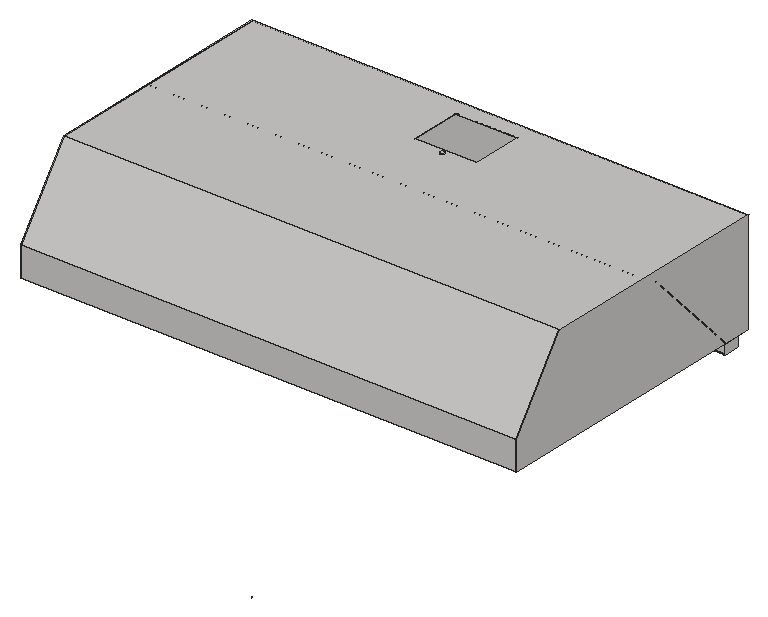
Revit family "QF_ELECTROLUXPROFESSIONAL_644231_ABPV1424BT", category Attrezzature speciali, Revit 2021
Family settings
  Quota connettore circolare = Usa diametro
  Tipo di parte = Normale
  Basato su piano di lavoro = No
  Sempre verticale = Sì
  Taglio con vuoti quando caricato = No
  Condiviso = No
  Punto di calcolo locali = No
Parameters (values of type "Standard")
  Weight = 73.00 kg
  Watts = 550 W
  Volts = 220 V
  URL Manufacturer = "https://www.electroluxprofessional.com/"
  URL = "https://www.electroluxprofessional.com/"
  Steam Supply Size = 0 mm
  Steam Supply Minimum Pressure = 0.0 Pa
  Steam Supply Maximum Pressure = 0.0 Pa
  Steam Consumption per Hour = 0
  Refrigeration Suction Line Size = 0 mm
  Refrigeration Liquid Line Size = 0 mm
  Refrigerant Compressor Remote = yes
  Prospetto di default = 0 mm
  Produttore = "Electrolux Professional"
  Phase = 1
  Modello = "ABPV1424BT"
  Length Actual = 2400 mm  # constant formula
  Item Number = "644231"
  Hot Water Size = 0 mm
  Height Actual = 500 mm  # constant formula
  HP = "0.7 HP"
  Gas Size = 0 mm
  Gas KW = 0
  Gas Input Pressure = 0 W
  Direct Waste Size = 0 mm
  Descrizione = "430 S/S WALL HOOD+FILTER+FAN 2400X1400MM"
  Depth Actual = 1400 mm  # constant formula
  Cycle = 50 Hz
  Condensate Return Size = 0 mm
  Compressed Air Volume = 0.0 L/s
  Compressed Air Size = 0 mm
  Compressed Air Pressure = 0.0 Pa
  Cold Water Size = 0 mm
  Accessory = yes
Reference planes
  plane 1: z = 0
  plane 2 "Center (Left/Right)": x = 150
  plane 3 "LEFT": x = -1050
  plane 4 "RIGHT": x = 1350
  plane 5 "BACK": y = 550
  plane 6 "TOP": z = 2500
  plane 7 "Base": z = 2000
  plane 8: z = 1926
  plane 9 "DrainY": y = 485
  plane 10: x = -1047
  plane 11: through (0, 414.509, 2000.8) normal (0, 0.7314, 0.682)
  plane 12: y = 470
  plane 13: y = 220
  plane 14 "DrainX": x = 1230
  plane 15: x = 300
  plane 16: x = 0
  plane 17: x = 1347
  plane 18: x = 1140
  plane 19: x = 1320
  plane 20: x = -1010
  plane 21: x = -645
  plane 22: x = -450
  plane 23: x = 1310
  plane 24: x = 945
  plane 25: x = 750
  plane 26: x = -47.5
  plane 27: x = 347.5
  plane 28: z = 2140
  plane 29: y = -590
  plane 30: y = 200
  plane 31: y = -850
  plane 32: y = -150
Forms (mm)
  Extrusion 1, solid, material "QF_Finishes_Stainless Steel"
    sketch origin (-1050, 0, 360) x (0, 1, 0) y (0, 0, 1)
      loop
        line (550, 1640) -> (550, 2140) -> (-590, 2140) -> (-850, 1780) -> (-850, 1640) -> (550, 1640)
    from 0 to 3
  Extrusion 2, solid, material "QF_Finishes_Stainless Steel"
    sketch origin (150, 0, 360) x (0, 1, 0) y (0, 0, 1)
      loop
        line (415.255, 1640) -> (550, 1640) -> (550, 2139.19) -> (549.2, 2139.19) -> (549.2, 1640.8) -> (415.876, 1640.8) -> (339.347, 1722.867) -> (349.609, 1732.436) -> (348.927, 1733.167) -> (337.934, 1722.917) -> (415.255, 1640)
      loop
        line (-82.203, 2139.19) -> (-82.203, 2118.6) -> (-31.047, 2118.6) -> (34.354, 2048.466) -> (46.028, 2059.352) -> (45.346, 2060.083) -> (34.403, 2049.879) -> (-30.612, 2119.6) -> (-81.203, 2119.6) -> (-81.203, 2139.19) -> (-82.203, 2139.19)
    from -1197 to 1197
  Extrusion 3, solid, material "QF_Finishes_Stainless Steel"
    sketch origin (1350, 0, 360) x (0, 1, 0) y (0, 0, 1)
      loop
        line (550, 1640) -> (550, 2140) -> (-590, 2140) -> (-850, 1780) -> (-850, 1640) -> (550, 1640)
    from 0 to -3
  Extrusion 4, solid, material "QF_Finishes_Stainless Steel"
    sketch origin (150, 0, 360) x (0, 1, 0) y (0, 0, 1)
      loop
        line (-590, 2140) -> (-850, 1780) -> (-850, 1640) -> (-849.2, 1640) -> (-849.2, 1779.741) -> (-589.598, 2139.19) -> (550, 2139.19) -> (550, 2140) -> (-590, 2140)
    from -1200 to 1200
  Extrusion 5, solid, material "QF_Finishes_Stainless Steel"
    sketch origin (150, 0, 360) x (0, 1, 0) y (0, 0, 1)
      loop
        line (534, 1640) -> (436, 1640) -> (436, 1627) -> (443.5, 1627) -> (443.5, 1576)
        arc (443.5, 1576) -> (446.429, 1568.929) -> (453.5, 1566) r 10
        line (453.5, 1566) -> (516.5, 1566)
        arc (516.5, 1566) -> (523.571, 1568.929) -> (526.5, 1576) r 10
        line (526.5, 1576) -> (526.5, 1627) -> (534, 1627) -> (534, 1640)
    from 990 to 1170
  Extrusion 6, solid, material "QF_Finishes_Stainless Steel"
    sketch origin (0, 0, 2000) x (0, 1, 0) y (-1, 0, 0)
      loop
        circle (485, -1230) r 20
    from -76 to -74
  Extrusion 7, solid, material "QF_Finished_Chrome"
    sketch origin (150, 0, 360) x (0, 1, 0) y (0, 0, 1)
      loop
        line (337.934, 1722.917) -> (341.591, 1726.327) -> (38.011, 2051.876) -> (34.354, 2048.466) -> (337.934, 1722.917)
    from -795 to -1160
  Extrusion 8, solid, material "QF_Finished_Chrome"
    sketch origin (150, 0, 360) x (0, 1, 0) y (0, 0, 1)
      loop
        line (337.934, 1722.917) -> (341.591, 1726.327) -> (38.011, 2051.876) -> (34.354, 2048.466) -> (337.934, 1722.917)
    from -197.5 to -600
  Extrusion 9, solid, material "QF_Finishes_Stainless Steel"
    sketch origin (150, 0, 360) x (0, 1, 0) y (0, 0, 1)
      loop
        line (337.934, 1722.917) -> (341.591, 1726.327) -> (38.011, 2051.876) -> (34.354, 2048.466) -> (337.934, 1722.917)
    from 1197 to 1160
  Extrusion 10, solid, material "QF_Finishes_Stainless Steel"
    sketch origin (150, 0, 360) x (0, 1, 0) y (0, 0, 1)
      loop
        line (341.588, 1726.324) -> (38.009, 2051.874) -> (34.354, 2048.466) -> (337.934, 1722.917) -> (341.588, 1726.324)
    from -795 to -600
  Extrusion 11, solid, material "QF_Finished_Chrome"
    sketch origin (150, 0, 360) x (0, 1, 0) y (0, 0, 1)
      loop
        line (341.588, 1726.324) -> (38.009, 2051.874) -> (34.354, 2048.466) -> (337.934, 1722.917) -> (341.588, 1726.324)
    from 795 to 1160
  Extrusion 12, void
    sketch origin (0, 0, 2500) x (0, 1, 0) y (-1, 0, 0)
      loop
        line (470, 0) -> (220, 0) -> (220, -300) -> (470, -300) -> (470, 0)
    from 0 to -10
  Extrusion 13, solid, material "QF_Finishes_Stainless Steel"
    sketch origin (0, 0, 0) x (1, 0, 0) y (0, 1, 0)
      loop
        line (-1050, 550) -> (-1050, 549) -> (-1049, 549) -> (-1049, 550) -> (-1050, 550)
    from 0 to 1
  Extrusion 14, solid, material "QF_Finishes_Stainless Steel"
    sketch origin (150, 0, 360) x (0, 1, 0) y (0, 0, 1)
      loop
        line (337.934, 1722.917) -> (341.591, 1726.327) -> (38.011, 2051.876) -> (34.354, 2048.466) -> (337.934, 1722.917)
    from -1160 to -1197
  Extrusion 15, solid, material "QF_Finishes_Stainless Steel"
    sketch origin (150, 0, 360) x (0, 1, 0) y (0, 0, -1)
      loop
        line (341.588, -1726.324) -> (337.934, -1722.917) -> (34.354, -2048.466) -> (38.009, -2051.874) -> (341.588, -1726.324)
    from -795 to -600
  Extrusion 16, solid, material "QF_Finished_Chrome"
    sketch origin (150, 0, 360) x (0, 1, 0) y (0, 0, 1)
      loop
        line (337.934, 1722.917) -> (341.591, 1726.327) -> (38.011, 2051.876) -> (34.354, 2048.466) -> (337.934, 1722.917)
    from 600 to 197.5
  Extrusion 17, solid, material "QF_Finishes_Stainless Steel"
    sketch origin (150, 0, 360) x (0, 1, 0) y (0, 0, -1)
      loop
        line (341.588, -1726.324) -> (337.934, -1722.917) -> (34.354, -2048.466) -> (38.009, -2051.874) -> (341.588, -1726.324)
    from -197.5 to 197.5
  Extrusion 18, solid, material "QF_Finishes_Stainless Steel"
    sketch origin (0, 0, 2500) x (0, 1, 0) y (-1, 0, 0)
      loop
        circle (200, -150) r 10
    from 0 to 1.6
Cuts and joins
  Extrusion 12 cuts Extrusion 4
  joined: Extrusion 2, Extrusion 4
Lines and regions (mm)
  reference lines
    curve 1: line (150, 34.354, 2408.466) -> (150, 34.354, 2248.466)
  symbolic lines, style "SpecialityEquipment", detail levels coarse
    curve 2: line (1350, 550, 2500) -> (-1050, 550, 2500)
    curve 3: line (-1050, 550, 2500) -> (-1050, -850, 2500)
    curve 4: line (1350, -850, 2500) -> (1350, 550, 2500)
    curve 5: line (-1050, -850, 2500) -> (1350, -850, 2500)
    curve 6: line (0, 220, 2500) -> (300, 220, 2500)
    curve 7: line (0, 470, 2500) -> (0, 220, 2500)
    curve 8: line (300, 470, 2500) -> (0, 470, 2500)
    curve 9: line (300, 220, 2500) -> (300, 470, 2500)
    curve 10: line (1350, -589.598, 0) -> (-1050, -589.598, 0)
    curve 11: line (-1050, -589.598, 0) -> (1350, 550, 0)
    curve 12: line (-1050, 550, 0) -> (1350, -589.598, 0)
Dimensions and locks
  plane 3 "LEFT" to plane 4 "RIGHT" = 2400 mm
  equal spacing: plane 3 "LEFT", plane 2 "Center (Left/Right)", plane 4 "RIGHT"
  locked: plane 6 "TOP" to plane 7 "Base" at 500
  plane 7 "Base" to plane 8 = 74 mm
  plane 5 "BACK" to plane 9 "DrainY" = 65 mm  (x2)
  plane 3 "LEFT" to plane 10 = 3 mm
  plane 5 "BACK" to plane 12 = 80 mm
  plane 12 to plane 13 = 250 mm  (x2)
  plane 14 "DrainX" to plane 4 "RIGHT" = 120 mm
  plane 17 to plane 4 "RIGHT" = 3 mm
  locked: plane 18 to plane 14 "DrainX" at 90
  locked: plane 14 "DrainX" to plane 19 at 90
  plane 12 to plane 5 "BACK" = 80 mm
  locked: plane 3 "LEFT" to plane 20 at 40
  locked: plane 20 to plane 21 at 365
  locked: plane 21 to plane 22 at 195
  locked: plane 23 to plane 24 at 365
  locked: plane 24 to plane 25 at 195
  locked: plane 23 to plane 4 "RIGHT" at 40
  locked: plane 26 to plane 27 at 395
  equal spacing: plane 26, plane 2 "Center (Left/Right)", plane 27
  locked: plane 16 to plane 15 at 300
  equal spacing: plane 16, plane 2 "Center (Left/Right)", plane 15
  plane 22 to plane 26 = 402.5 mm
  plane 27 to plane 25 = 402.5 mm
  plane 28 to plane 7 "Base" = 140 mm
  locked: plane 7 "Base" to level at 2000
  plane 13 to plane 30 = 20 mm
  plane 5 "BACK" to plane 31 = 1400 mm  (x2)
  equal spacing: plane 5 "BACK", plane 32, plane 31
  aligned and locked: level to plane 1
  aligned and locked: Extrusion 2 to Extrusion 1
  aligned and locked: Extrusion 2 to Extrusion 3
  aligned and locked: plane 4 "RIGHT" to Extrusion 4
  aligned and locked: Extrusion 4 to plane 3 "LEFT"
  aligned and locked: plane 17 to Extrusion 9
  aligned and locked: plane 16 to Extrusion 12
  aligned and locked: Extrusion 12 to plane 15
  aligned and locked: Extrusion 12 to plane 13
  aligned and locked: Extrusion 12 to plane 12
  aligned and locked: Extrusion 2 to Extrusion 4
  aligned and locked: plane 19 to Extrusion 5
  aligned and locked: Extrusion 5 to plane 18
  aligned and locked: Extrusion 9 to plane 23
  aligned and locked: Extrusion 11 to plane 23
  aligned and locked: Extrusion 11 to plane 24
  aligned and locked: Extrusion 8 to plane 22
  aligned and locked: plane 22 to Extrusion 10
  aligned and locked: Extrusion 10 to plane 21
  aligned and locked: plane 21 to Extrusion 7
  aligned and locked: Extrusion 7 to plane 20
  aligned and locked: Extrusion 14 to plane 10
  aligned and locked: plane 20 to Extrusion 14
  aligned and locked: Extrusion 15 to plane 25
  aligned and locked: Extrusion 15 to plane 24
  aligned and locked: Extrusion 3 to plane 17
  aligned and locked: plane 26 to Extrusion 8
  aligned and locked: Extrusion 16 to plane 25
  aligned and locked: Extrusion 16 to plane 27
  aligned and locked: plane 27 to Extrusion 17
  aligned and locked: Extrusion 17 to plane 26
Automatic sketch dimensions
  curve 5 to plane 3 "LEFT" = 0 mm
  curve 9 to plane 13 = 0 mm
  plane 12 to curve 8 = 0 mm
  curve 3 to plane 5 "BACK" = 0 mm
  curve 5 to plane 4 "RIGHT" = 0 mm
  curve 6 to plane 15 = 0 mm
  curve 6 to plane 16 = 0 mm
  Extrusion 2 sketch curve to plane 11 = 0 mm  (x3)
  Extrusion 2 sketch curve to plane 7 "Base" = 0 mm
  plane 11 to Extrusion 2 sketch curve = 0 mm
  Extrusion 2 sketch curve to plane 5 "BACK" = 0 mm
  Extrusion 2 sketch curve to Extrusion 2 sketch curve = 65.646 mm
  Extrusion 2 sketch curve to Extrusion 2 sketch curve = 0.682 mm  (x2)
  Extrusion 2 sketch curve to Extrusion 2 sketch curve = 10.261 mm
  plane 7 "Base" to Extrusion 2 sketch curve = 82.917 mm
  Extrusion 2 sketch curve to Extrusion 2 sketch curve = 10.942 mm
  Extrusion 2 sketch curve to Extrusion 2 sketch curve = 0.049 mm
  Extrusion 2 sketch curve to plane 6 "TOP" = 20.4 mm
  Extrusion 2 sketch curve to plane 6 "TOP" = 21.4 mm
  Extrusion 2 sketch curve to plane 6 "TOP" = 0.81 mm  (x2)
  Extrusion 2 sketch curve to Extrusion 2 sketch curve = 50.156 mm
  Extrusion 2 sketch curve to Extrusion 2 sketch curve = 1 mm
  plane 7 "Base" to Extrusion 2 sketch curve = 0.8 mm
  Extrusion 2 sketch curve to plane 5 "BACK" = 0.8 mm
  curve 1 to plane 11 = 0 mm
  Extrusion 5 sketch curve to plane 7 "Base" = 0 mm
  Extrusion 5 sketch curve to plane 8 = 0 mm
  Extrusion 5 sketch curve to plane 7 "Base" = 13 mm  (x2)
  plane 12 to Extrusion 5 sketch curve = 34 mm
  Extrusion 5 sketch curve to Extrusion 5 sketch curve = 7.5 mm  (x2)
  Extrusion 5 sketch curve to Extrusion 5 sketch curve = 10 mm
  plane 9 "DrainY" to Extrusion 5 sketch curve = 31.5 mm
  Extrusion 5 sketch curve to plane 5 "BACK" = 23.5 mm
  Extrusion 6 sketch curve to plane 9 "DrainY" = 0 mm
  Extrusion 6 sketch curve to plane 14 "DrainX" = 0 mm
  Extrusion 7 sketch curve to plane 11 = 0 mm  (x2)
  Extrusion 7 sketch curve to Extrusion 7 sketch curve = 3.657 mm
  plane 7 "Base" to Extrusion 7 sketch curve = 82.917 mm
  Extrusion 8 sketch curve to plane 11 = 0 mm  (x2)
  Extrusion 8 sketch curve to Extrusion 8 sketch curve = 3.657 mm
  plane 7 "Base" to Extrusion 8 sketch curve = 82.917 mm
  Extrusion 9 sketch curve to plane 11 = 0 mm  (x2)
  Extrusion 9 sketch curve to Extrusion 9 sketch curve = 3.657 mm
  plane 7 "Base" to Extrusion 9 sketch curve = 82.917 mm
  Extrusion 10 sketch curve to plane 11 = 0 mm  (x2)
  Extrusion 10 sketch curve to Extrusion 10 sketch curve = 3.655 mm
  plane 7 "Base" to Extrusion 10 sketch curve = 82.917 mm
  Extrusion 11 sketch curve to plane 11 = 0 mm  (x2)
  Extrusion 11 sketch curve to Extrusion 11 sketch curve = 3.655 mm
  plane 7 "Base" to Extrusion 11 sketch curve = 82.917 mm
  Extrusion 12 sketch curve to plane 13 = 0 mm
  plane 12 to Extrusion 12 sketch curve = 0 mm
  Extrusion 12 sketch curve to plane 15 = 0 mm
  Extrusion 12 sketch curve to plane 16 = 0 mm
  Extrusion 13 sketch curve to plane 3 "LEFT" = 0 mm
  Extrusion 13 sketch curve to plane 5 "BACK" = 0 mm
  plane 3 "LEFT" to Extrusion 13 sketch curve = 1 mm
  Extrusion 13 sketch curve to Extrusion 13 sketch curve = 1 mm
  Extrusion 14 sketch curve to plane 11 = 0 mm  (x2)
  Extrusion 14 sketch curve to Extrusion 14 sketch curve = 3.657 mm
  plane 7 "Base" to Extrusion 14 sketch curve = 82.917 mm
  Extrusion 15 sketch curve to plane 11 = 0 mm  (x2)
  Extrusion 15 sketch curve to Extrusion 15 sketch curve = 3.655 mm
  plane 7 "Base" to Extrusion 15 sketch curve = 82.917 mm
  Extrusion 16 sketch curve to plane 11 = 0 mm  (x2)
  Extrusion 16 sketch curve to Extrusion 16 sketch curve = 3.657 mm
  plane 7 "Base" to Extrusion 16 sketch curve = 82.917 mm
  Extrusion 17 sketch curve to plane 11 = 0 mm  (x2)
  Extrusion 17 sketch curve to Extrusion 17 sketch curve = 3.655 mm
  plane 7 "Base" to Extrusion 17 sketch curve = 82.917 mm
  curve 1 to curve 1 = 160 mm
  Extrusion 4 sketch curve to plane 6 "TOP" = 0 mm
  Extrusion 4 sketch curve to plane 29 = 0 mm
  plane 29 to Extrusion 4 sketch curve = 0.402 mm
  Extrusion 4 sketch curve to plane 5 "BACK" = 0 mm
  Extrusion 4 sketch curve to plane 7 "Base" = 0 mm
  Extrusion 4 sketch curve to plane 28 = 0 mm
  Extrusion 4 sketch curve to plane 28 = 0.259 mm
  Extrusion 4 sketch curve to Extrusion 4 sketch curve = 0.81 mm
  Extrusion 1 sketch curve to plane 6 "TOP" = 0 mm
  Extrusion 1 sketch curve to plane 29 = 0 mm
  Extrusion 1 sketch curve to plane 5 "BACK" = 0 mm
  Extrusion 1 sketch curve to plane 7 "Base" = 0 mm
  Extrusion 1 sketch curve to plane 28 = 0 mm
  Extrusion 3 sketch curve to plane 6 "TOP" = 0 mm
  Extrusion 3 sketch curve to plane 29 = 0 mm
  Extrusion 3 sketch curve to plane 5 "BACK" = 0 mm
  Extrusion 3 sketch curve to plane 7 "Base" = 0 mm
  Extrusion 3 sketch curve to plane 28 = 0 mm
  curve 10 to plane 3 "LEFT" = 0 mm
  curve 12 to plane 3 "LEFT" = 0 mm
  curve 11 to plane 4 "RIGHT" = 0 mm
  curve 10 to plane 4 "RIGHT" = 0 mm
  curve 12 to plane 5 "BACK" = 0 mm
  curve 11 to plane 5 "BACK" = 0 mm
  plane 29 to curve 11 = 0.402 mm
  Extrusion 18 sketch curve to plane 2 "Center (Left/Right)" = 0 mm
  plane 30 to Extrusion 18 sketch curve = 0 mm
  curve 5 to plane 29 = 260 mm
  Extrusion 1 sketch curve to plane 29 = 260 mm
  Extrusion 3 sketch curve to plane 29 = 260 mm
  Extrusion 4 sketch curve to plane 29 = 259.2 mm
  Extrusion 4 sketch curve to Extrusion 4 sketch curve = 0.8 mm
  Extrusion 2 sketch curve to plane 6 "TOP" = 91.534 mm
  plane 28 to curve 1 = 108.466 mm
  Extrusion 7 sketch curve to plane 6 "TOP" = 88.124 mm
  Extrusion 8 sketch curve to plane 6 "TOP" = 88.124 mm
  Extrusion 9 sketch curve to plane 6 "TOP" = 88.124 mm
  Extrusion 10 sketch curve to plane 6 "TOP" = 88.126 mm
  Extrusion 11 sketch curve to plane 6 "TOP" = 88.126 mm
  Extrusion 14 sketch curve to plane 6 "TOP" = 88.124 mm
  Extrusion 15 sketch curve to plane 6 "TOP" = 88.126 mm
  Extrusion 16 sketch curve to plane 6 "TOP" = 88.124 mm
  Extrusion 17 sketch curve to plane 6 "TOP" = 88.126 mm
  radius of Extrusion 6 sketch curve = 20 mm
  radius of Extrusion 18 sketch curve = 10 mm
Connectors
  piping at (1230, 485, 1924), diameter 20
    settings: on Extrusion 6, index 1, connector inside diameter 609.6 mm, connector length 0 mm, flow factor 0, pipe flow 0.0 L/s, pressure drop 0.0 Pa, fitting loss kfactor 0, connector angle 0.00°, fixture units 0, engagement length 0 mm, angle of deflection 0.00°, flow configuration 1, flow direction 2, fitting loss method 0, system type 16, joint type 0, gender type 0, connector reference index -1, connector utility 0, adjustable connector no, is connector primary yes, connector description "Drain"
  hvac at (150, 345, 2500)
    settings: on Extrusion 12, index 2, duct flow 0.0 L/s, flow factor 0, pres drop 0.0 Pa, loss coef 0, conn angle 0.00°, conn width 250 mm, conn height 300 mm, conn diameter 609.6 mm, duct sys type 3, conn prof type 1, flow config 1, flow direction 2, loss method 0, conn ref index -1, conn util no, is conn primary yes, conn desc "EXHAUST OUTLET"
  electrical at (150, 200, 2500), driven by "Volts"
    settings: on Extrusion 18, index 3, voltage 220 V, apparent load 0 VA, apparent load phase1 0 VA, apparent load phase2 0 VA, apparent load phase3 0 VA, power factor 1, load classification "Other", number of poles 1, system type 30, power factor state 1, is connector primary yes, connector utility no, sub classification motor no, connector description "Electrical Connection"
